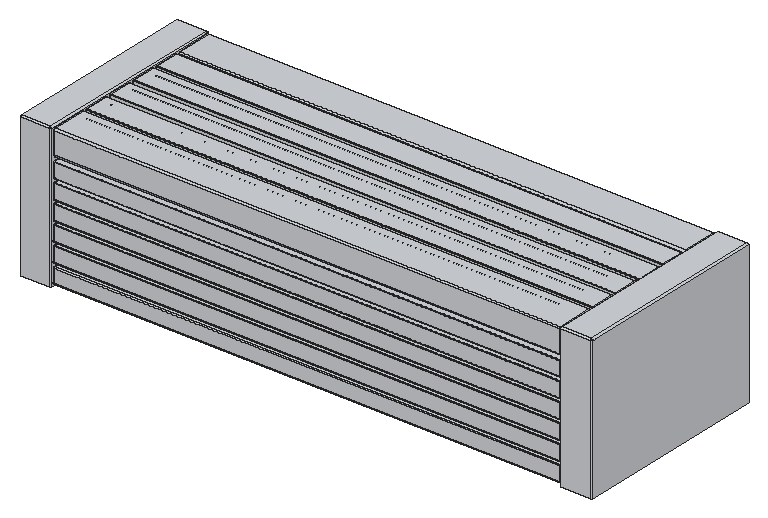
Revit family "Скамейка гранитная «Малевич»", category Мебель, Revit 2017
Family settings
  Номер OmniClass = 23.40.20.00
  Заголовок OmniClass = General Furniture and Specialties
  На основе рабочей плоскости = Нет
  Всегда вертикально = Да
  При загрузке вырезать с полостями = Нет
  Общий = Нет
  Точка расчета площади = Нет
Parameters (values of type "Скамья гранитная ГС-010")
  Стоимость = 0
  Изготовитель = "ООО \"Хоббика\""
  Длина доски = ADSK_Размер_Длина - 200 mm  # 1600 mm
  URL = "https://hobbyka.ru/product/skameyka_granitnaya_malevich/?sphrase_id=62554"
  ADSK_Размер_Ширина = 620 mm
  ADSK_Размер_Длина = 1800 mm
  ADSK_Размер_Высота = 450 mm
  ADSK_Наименование = "Скамья гранитная ГС-010"
  ADSK_Материал фурнитуры = none
  ADSK_Материал опоры = none
  ADSK_Материал доски = none
  ADSK_Код изделия = "10896"
Reference planes
  plane 1 "По центру (Вперед/Назад)": y = 0
  plane 2: z = 0
  plane 3 "По центру (Влево/Вправо)": x = 0
  plane 4: x = -900
  plane 5: x = 900
  plane 6: x = -800.13
  plane 7: x = 799.87
Forms (mm)
  Extrusion 1, solid, not visible
    sketch origin (0, 0, 0) x (1, 0, 0) y (0, 1, 0)
      loop
        line (-800.13, -583.333) -> (799.87, -583.333) -> (799.87, -36.667) -> (-800.13, -36.667) -> (-800.13, -583.333)
    from 0 to 366
  Extrusion 2, solid, not visible
    sketch origin (0, 0, 0) x (0, 1, 0) y (0, 0, 1)
      loop
        line (-135.333, 416) -> (-485.446, 416) -> (-485.446, 366) -> (-135.333, 366) -> (-135.333, 416)
    from 0 to 250
Dimensions and locks
  equal spacing: plane 4, plane 3 "По центру (Влево/Вправо)", plane 5
  "ADSK_Размер_Длина": plane 4 to plane 5
  "Длина доски": plane 6 to plane 7
  locked: plane 4 to plane 6 at 99.87
  plane 7 to plane 5 = 100.13 mm
  equal spacing: group 1, group 2, group 3, group 4  (x3)
  aligned and locked: level to plane 2
  aligned and locked: plane 4 to nested 1
  aligned and locked: plane 5 to nested 2
  aligned and locked: Extrusion 1 sketch curve to plane 6
  aligned and locked: Extrusion 1 sketch curve to plane 7
  aligned and locked: plane 6 to nested 3
  aligned and locked: plane 6 to nested 6
  aligned and locked: plane 6 to nested 5
  aligned and locked: plane 6 to nested 11
  aligned and locked: plane 6 to nested 14
  aligned and locked: nested 16 to plane 6
  aligned and locked: nested 20 to plane 6
  aligned and locked: nested 19 to plane 6
  aligned and locked: nested 18 to plane 6
  aligned and locked: nested 17 to plane 6
  aligned and locked: nested 15 to plane 6
  aligned and locked: nested 3 to plane 6
  aligned and locked: plane 6 to nested 4
Automatic sketch dimensions
  plane 1 "По центру (Вперед/Назад)" to Extrusion 1 sketch curve = 583.333 mm
  plane 1 "По центру (Вперед/Назад)" to Extrusion 1 sketch curve = 36.667 mm
  plane 1 "По центру (Вперед/Назад)" to Extrusion 2 sketch curve = 485.446 mm
  plane 1 "По центру (Вперед/Назад)" to Extrusion 2 sketch curve = 135.333 mm
  level to Extrusion 2 sketch curve = 366 mm
  Extrusion 2 sketch curve to Extrusion 2 sketch curve = 50 mm
Nested families
  nested 1: "Опора" at (-1700.13, 0, 0) x (-1, 0, 0) z (0, 0, 1), Материал <- "ADSK_Материал опоры", type "Опора"
    with Материал none
  nested 2: "Опора" at (1700.13, 0, 0), Материал <- "ADSK_Материал опоры", type "Опора"
    with Материал none
  nested 3: "Доска" at (-800.13, -496, 366), Длина доски <- "Длина доски", Материал доски <- "ADSK_Материал доски", Материал фурнитуры <- "ADSK_Материал фурнитуры", type "Доска"
    with Материал фурнитуры none, Материал доски none, Длина доски 1600 mm, 80 yes, 50 no, 30 no
  nested 4: "Доска" at (-800.13, -4, 366), Длина доски <- "Длина доски", Материал доски <- "ADSK_Материал доски", Материал фурнитуры <- "ADSK_Материал фурнитуры", type "Доска"
    with Материал фурнитуры none, Материал доски none, Длина доски 1600 mm, 80 yes, 50 no, 30 no
  nested 5: "Доска" at (-800.13, -583.333, 56.096) x (1, 0, 0) z (0, -1, 0), Длина доски <- "Длина доски", Материал доски <- "ADSK_Материал доски", Материал фурнитуры <- "ADSK_Материал доски", type "Доска"
    with Материал фурнитуры none, Материал доски none, Длина доски 1600 mm, 80 no, 50 yes, 30 no
  nested 6: "Доска" at (-800.13, -583.333, 353.5) x (1, 0, 0) z (0, -1, 0), Длина доски <- "Длина доски", Материал доски <- "ADSK_Материал доски", Материал фурнитуры <- "ADSK_Материал доски", type "Доска"
    with Материал фурнитуры none, Материал доски none, Длина доски 1600 mm, 80 no, 50 yes, 30 no
  nested 7: "Доска" at (-800.13, -583.333, 115.576) x (1, 0, 0) z (0, -1, 0), Длина доски <- "Длина доски", Материал доски <- "ADSK_Материал доски", Материал фурнитуры <- "ADSK_Материал доски", type "Доска"
    with Материал фурнитуры none, Материал доски none, Длина доски 1600 mm, 80 no, 50 yes, 30 no
  nested 8: "Доска" at (-800.13, -583.333, 175.057) x (1, 0, 0) z (0, -1, 0), Длина доски <- "Длина доски", Материал доски <- "ADSK_Материал доски", Материал фурнитуры <- "ADSK_Материал доски", type "Доска"
    with Материал фурнитуры none, Материал доски none, Длина доски 1600 mm, 80 no, 50 yes, 30 no
  nested 9: "Доска" at (-800.13, -583.333, 234.538) x (1, 0, 0) z (0, -1, 0), Длина доски <- "Длина доски", Материал доски <- "ADSK_Материал доски", Материал фурнитуры <- "ADSK_Материал доски", type "Доска"
    with Материал фурнитуры none, Материал доски none, Длина доски 1600 mm, 80 no, 50 yes, 30 no
  nested 10: "Доска" at (-800.13, -583.333, 294.019) x (1, 0, 0) z (0, -1, 0), Длина доски <- "Длина доски", Материал доски <- "ADSK_Материал доски", Материал фурнитуры <- "ADSK_Материал доски", type "Доска"
    with Материал фурнитуры none, Материал доски none, Длина доски 1600 mm, 80 no, 50 yes, 30 no
  nested 11: "Доска" at (-800.13, -407.333, 416), Длина доски <- "Длина доски", type "Доска"
    with Материал фурнитуры none, Материал доски none, Длина доски 1600 mm, 80 no, 50 no, 30 yes
  nested 12: "Доска" at (-800.13, -315.778, 416), Длина доски <- "Длина доски", type "Доска"
    with Материал фурнитуры none, Материал доски none, Длина доски 1600 mm, 80 no, 50 no, 30 yes
  nested 13: "Доска" at (-800.13, -224.222, 416), Длина доски <- "Длина доски", type "Доска"
    with Материал фурнитуры none, Материал доски none, Длина доски 1600 mm, 80 no, 50 no, 30 yes
  nested 14: "Доска" at (-800.13, -132.667, 416), Длина доски <- "Длина доски", type "Доска"
    with Материал фурнитуры none, Материал доски none, Длина доски 1600 mm, 80 no, 50 no, 30 yes
  nested 15: "Доска" at (-800.13, -37.446, 56.096) x (1, 0, 0) z (0, 1, 0), Длина доски <- "Длина доски", Материал доски <- "ADSK_Материал доски", type "Доска"
    with Материал фурнитуры none, Материал доски none, Длина доски 1600 mm, 80 no, 50 yes, 30 no
  nested 16: "Доска" at (-800.13, -37.446, 353.5) x (1, 0, 0) z (0, 1, 0), Длина доски <- "Длина доски", Материал доски <- "ADSK_Материал доски", type "Доска"
    with Материал фурнитуры none, Материал доски none, Длина доски 1600 mm, 80 no, 50 yes, 30 no
  nested 17: "Доска" at (-800.13, -37.446, 115.576) x (1, 0, 0) z (0, 1, 0), Длина доски <- "Длина доски", Материал доски <- "ADSK_Материал доски", type "Доска"
    with Материал фурнитуры none, Материал доски none, Длина доски 1600 mm, 80 no, 50 yes, 30 no
  nested 18: "Доска" at (-800.13, -37.446, 175.057) x (1, 0, 0) z (0, 1, 0), Длина доски <- "Длина доски", Материал доски <- "ADSK_Материал доски", type "Доска"
    with Материал фурнитуры none, Материал доски none, Длина доски 1600 mm, 80 no, 50 yes, 30 no
  nested 19: "Доска" at (-800.13, -37.446, 234.538) x (1, 0, 0) z (0, 1, 0), Длина доски <- "Длина доски", Материал доски <- "ADSK_Материал доски", type "Доска"
    with Материал фурнитуры none, Материал доски none, Длина доски 1600 mm, 80 no, 50 yes, 30 no
  nested 20: "Доска" at (-800.13, -37.446, 294.019) x (1, 0, 0) z (0, 1, 0), Длина доски <- "Длина доски", Материал доски <- "ADSK_Материал доски", type "Доска"
    with Материал фурнитуры none, Материал доски none, Длина доски 1600 mm, 80 no, 50 yes, 30 no
Definition of nested family "Опора"
  Parameters (values of type "Опора")
    Материал [instance] = none
  Reference planes
    plane 1 "По центру (Вперед/Назад)": y = 0
    plane 2: z = 0
    plane 3 "По центру (Влево/Вправо)": x = 0
    plane 4 "Слева": x = -900
    plane 5: x = 900
    plane 6: x = -800.13
    plane 7: x = 800
    plane 8: x = -896
    plane 9: x = -804.13
    plane 10 "Низ": z = 446
    plane 11 "Верх": z = 450
  Forms (mm)
    Blend 1, solid, material <- "Материал"
      base sketch origin (0, 0, 0) x (1, 0, 0) y (0, 1, 0)
        loop
          line (-804.13, 0) -> (-896, 0) -> (-900, -4) -> (-900, -616) -> (-896, -620) -> (-804.13, -620) -> (-800.13, -616) -> (-800.13, -4) -> (-804.13, 0)
      top sketch origin (0, 0, 0) x (1, 0, 0) y (0, 1, 0)
        loop
          line (-805.787, -4) -> (-894.343, -4) -> (-896, -5.657) -> (-896, -614.343) -> (-894.343, -616) -> (-805.787, -616) -> (-804.13, -614.343) -> (-804.13, -5.657) -> (-805.787, -4)
      from 446 to 450
    Extrusion 2, solid, material <- "Материал"
      sketch origin (0, 0, 0) x (1, 0, 0) y (0, 1, 0)
        loop
          line (-900, -4) -> (-900, -616) -> (-896, -620) -> (-804.13, -620) -> (-800.13, -616) -> (-800.13, -4) -> (-804.13, 0) -> (-896, 0) -> (-900, -4)
      from 0 to 446
  Cuts and joins
    joined: Blend 1, Extrusion 2
  Dimensions and locks
    plane 4 "Слева" to plane 5 = 1800 mm
    locked: plane 4 "Слева" to plane 6 at 99.87
    locked: plane 7 to plane 5 at 100
    plane 4 "Слева" to plane 3 "По центру (Влево/Вправо)" = 900 mm
    equal spacing: plane 4 "Слева", plane 3 "По центру (Влево/Вправо)", plane 5
    locked: plane 8 to plane 4 "Слева" at 4
    locked: plane 6 to plane 9 at 4
    level to plane 10 "Низ" to plane 11 "Верх" = 446 mm locked, 4 mm locked
    aligned and locked: level to plane 2
    aligned and locked: plane 10 "Низ" to Blend 1
    aligned and locked: Blend 1 to plane 11 "Верх"
  Automatic sketch dimensions
    Blend 1 sketch curve to plane 4 "Слева" = 0 mm
    Blend 1 sketch curve to plane 8 = 0 mm  (x3)
    plane 1 "По центру (Вперед/Назад)" to Blend 1 sketch curve = 0 mm
    Blend 1 sketch curve to plane 9 = 0 mm  (x3)
    Blend 1 sketch curve to plane 6 = 0 mm
    plane 1 "По центру (Вперед/Назад)" to Blend 1 sketch curve = 4 mm  (x2)
    Blend 1 sketch curve to Blend 1 sketch curve = 612 mm
    Blend 1 sketch curve to Blend 1 sketch curve = 0 mm
    Blend 1 sketch curve to Blend 1 sketch curve = 4 mm
    plane 8 to Blend 1 sketch curve = 1.657 mm  (x2)
    Blend 1 sketch curve to plane 9 = 1.657 mm  (x2)
    plane 1 "По центру (Вперед/Назад)" to Blend 1 sketch curve = 616 mm
    Blend 1 sketch curve to Blend 1 sketch curve = 1.657 mm  (x3)
    plane 1 "По центру (Вперед/Назад)" to Blend 1 sketch curve = 5.657 mm  (x2)
    Extrusion 2 sketch curve to plane 1 "По центру (Вперед/Назад)" = 0 mm
    Extrusion 2 sketch curve to plane 4 "Слева" = 0 mm
    Extrusion 2 sketch curve to plane 8 = 0 mm  (x2)
    plane 1 "По центру (Вперед/Назад)" to Extrusion 2 sketch curve = 4 mm  (x2)
    Extrusion 2 sketch curve to Extrusion 2 sketch curve = 612 mm
    Extrusion 2 sketch curve to plane 9 = 0 mm  (x2)
    Extrusion 2 sketch curve to plane 6 = 0 mm
    Extrusion 2 sketch curve to Extrusion 2 sketch curve = 0 mm
    Extrusion 2 sketch curve to Extrusion 2 sketch curve = 4 mm
Definition of nested family "Доска"
  Parameters (values of type "Доска")
    Default Elevation = 1219.2 mm
    Материал фурнитуры [instance] = none
    Материал доски [instance] = none
    Длина доски [instance] = 1000 mm
    80 [instance] = yes
    50 [instance] = yes
    30 [instance] = yes
  Reference planes
    plane 1 "По центру (Вперед/Назад)": y = 0
    plane 2: z = 0
    plane 3 "По центру (Влево/Вправо)": x = 0
    plane 4 "1": x = 4
    plane 5: x = 996
    plane 6: x = 1000
    plane 7: x = 24
    plane 8: x = 976
    plane 9: y = -28.667
  Forms (mm)
    Extrusion 1, solid
      sketch origin (0, 0, 0) x (1, 0, 0) y (0, 1, 0)
        loop
          line (-1219.2, 1219.2) -> (-1219.2, -1219.2) -> (1219.2, -1219.2) -> (1219.2, 1219.2) -> (-1219.2, 1219.2)
      from 0 to -304.8
    Extrusion 2, solid, material <- "Материал доски", visible <- "80"
      sketch origin (0, 0, 0) x (0, 1, 0) y (0, 0, 1)
        loop
          line (0, 74.667) -> (-4, 80) -> (-114.667, 80) -> (-118.667, 74.667) -> (-118.667, 5.333) -> (-114.667, 0) -> (-4, 0) -> (0, 5.333) -> (0, 74.667)
      from 4 to 996
    Blend 3, solid, material <- "Материал доски", visible <- "80"
      base sketch origin (0, 0, 0) x (0, 1, 0) y (0, 0, 1)
        loop
          line (0, 74.667) -> (-4, 80) -> (-114.667, 80) -> (-118.667, 74.667) -> (-118.667, 5.333) -> (-114.667, 0) -> (-4, 0) -> (0, 5.333) -> (0, 74.667)
      top sketch origin (0, 0, 0) x (0, 1, 0) y (0, 0, 1)
        loop
          line (-5.657, 74.667) -> (-113.01, 74.667) -> (-114.667, 72.458) -> (-114.667, 7.542) -> (-113.01, 5.333) -> (-5.657, 5.333) -> (-4, 7.542) -> (-4, 72.458) -> (-5.657, 74.667)
      from 4 to 0
    Blend 4, solid, material <- "Материал доски", visible <- "80"
      base sketch origin (522.709, 0, 0) x (0, 1, 0) y (0, 0, -1)
        loop
          line (0, -74.667) -> (0, -5.333) -> (-4, 0) -> (-114.667, 0) -> (-118.667, -5.333) -> (-118.667, -74.667) -> (-114.667, -80) -> (-4, -80) -> (0, -74.667)
      top sketch origin (522.709, 0, 0) x (0, 1, 0) y (0, 0, -1)
        loop
          line (-5.657, -74.667) -> (-4, -72.458) -> (-4, -7.542) -> (-5.657, -5.333) -> (-113.01, -5.333) -> (-114.667, -7.542) -> (-114.667, -72.458) -> (-113.01, -74.667) -> (-5.657, -74.667)
      from -473.291 to -477.291
    Blend 5, solid, material <- "Материал доски", visible <- "30"
      base sketch origin (0, 1.333, 0) x (0, 1, 0) y (0, 0, 1)
        loop
          line (-1.333, 28) -> (-4, 30) -> (-78.667, 30) -> (-81.333, 28) -> (-81.333, 2) -> (-78.667, 0) -> (-4, 0) -> (-1.333, 2) -> (-1.333, 28)
      top sketch origin (0, 1.333, 0) x (0, 1, 0) y (0, 0, 1)
        loop
          line (-5.105, 28) -> (-77.562, 28) -> (-78.667, 27.172) -> (-78.667, 2.828) -> (-77.562, 2) -> (-5.105, 2) -> (-4, 2.828) -> (-4, 27.172) -> (-5.105, 28)
      from 4 to 0
    Blend 6, solid, material <- "Материал доски", visible <- "30"
      base sketch origin (758, 1.333, 0) x (0, 1, 0) y (0, 0, -1)
        loop
          line (-1.333, -28) -> (-1.333, -2) -> (-4, 0) -> (-78.667, 0) -> (-81.333, -2) -> (-81.333, -28) -> (-78.667, -30) -> (-4, -30) -> (-1.333, -28)
      top sketch origin (758, 1.333, 0) x (0, 1, 0) y (0, 0, -1)
        loop
          line (-5.105, -28) -> (-4, -27.172) -> (-4, -2.828) -> (-5.105, -2) -> (-77.562, -2) -> (-78.667, -2.828) -> (-78.667, -27.172) -> (-77.562, -28) -> (-5.105, -28)
      from -238 to -242
    Extrusion 7, solid, material <- "Материал доски", visible <- "30"
      sketch origin (0, 1.333, 0) x (0, 1, 0) y (0, 0, 1)
        loop
          line (-1.333, 28) -> (-4, 30) -> (-78.667, 30) -> (-81.333, 28) -> (-81.333, 2) -> (-78.667, 0) -> (-4, 0) -> (-1.333, 2) -> (-1.333, 28)
      from 4 to 996
    Blend 8, solid, material <- "Материал доски", visible <- "50"
      base sketch origin (0, 1.333, 0) x (0, 1, 0) y (0, 0, 1)
        loop
          line (-1.333, 28) -> (-4, 30) -> (-48.667, 30) -> (-51.333, 28) -> (-51.333, 2) -> (-48.667, 0) -> (-4, 0) -> (-1.333, 2) -> (-1.333, 28)
      top sketch origin (0, 1.333, 0) x (0, 1, 0) y (0, 0, 1)
        loop
          line (-5.105, 28) -> (-47.562, 28) -> (-48.667, 27.172) -> (-48.667, 2.828) -> (-47.562, 2) -> (-5.105, 2) -> (-4, 2.828) -> (-4, 27.172) -> (-5.105, 28)
      from 4 to 0
    Blend 9, solid, material <- "Материал доски", visible <- "50"
      base sketch origin (858, 1.333, 0) x (0, 1, 0) y (0, 0, -1)
        loop
          line (-1.333, -28) -> (-1.333, -2) -> (-4, 0) -> (-48.667, 0) -> (-51.333, -2) -> (-51.333, -28) -> (-48.667, -30) -> (-4, -30) -> (-1.333, -28)
      top sketch origin (858, 1.333, 0) x (0, 1, 0) y (0, 0, -1)
        loop
          line (-5.105, -28) -> (-4, -27.172) -> (-4, -2.828) -> (-5.105, -2) -> (-47.562, -2) -> (-48.667, -2.828) -> (-48.667, -27.172) -> (-47.562, -28) -> (-5.105, -28)
      from -138 to -142
    Extrusion 10, solid, visible <- "50"
      sketch origin (0, 0, 0) x (0, 1, 0) y (0, 0, 1)
        loop
          line (-2.667, 30) -> (-47.333, 30) -> (-50, 28) -> (-50, 2) -> (-47.333, 0) -> (-2.667, 0) -> (0, 2) -> (0, 28) -> (-2.667, 30)
      from 0 to 996
  Dimensions and locks
    plane 3 "По центру (Влево/Вправо)" to plane 4 "1" = 4 mm
    locked: plane 5 to plane 6 at 4
    "Длина доски": plane 3 "По центру (Влево/Вправо)" to plane 6
    plane 8 to plane 5 = 20 mm
    locked: plane 4 "1" to plane 7 at 20
    aligned and locked: plane 2 to Extrusion 1
    aligned and locked: level to Extrusion 1
    aligned and locked: Extrusion 2 to plane 4 "1"
    aligned and locked: Blend 3 to plane 4 "1"
    aligned and locked: Blend 3 to plane 3 "По центру (Влево/Вправо)"
    aligned and locked: plane 5 to Extrusion 2
    aligned and locked: plane 6 to Blend 4
    aligned and locked: Blend 4 to plane 5
    aligned and locked: plane 4 "1" to Blend 5
    aligned and locked: Blend 5 to plane 3 "По центру (Влево/Вправо)"
    aligned and locked: plane 6 to Blend 6
    aligned and locked: Blend 6 to plane 5
    aligned and locked: Extrusion 7 to plane 4 "1"
    aligned and locked: plane 5 to Extrusion 7
    aligned and locked: plane 4 "1" to Blend 8
    aligned and locked: Blend 8 to plane 3 "По центру (Влево/Вправо)"
    aligned and locked: plane 6 to Blend 9
    aligned and locked: Blend 9 to plane 5
    aligned and locked: plane 5 to Extrusion 10
    aligned and locked: Blend 8 to plane 4 "1"
  Automatic sketch dimensions
    Extrusion 1 sketch curve to Extrusion 1 sketch curve = 2438.4 mm  (x2)
    Extrusion 2 sketch curve to level = 0 mm
    Extrusion 2 sketch curve to plane 1 "По центру (Вперед/Назад)" = 0 mm
    plane 1 "По центру (Вперед/Назад)" to Extrusion 2 sketch curve = 4 mm  (x2)
    Extrusion 2 sketch curve to plane 9 = 86 mm
    Extrusion 2 sketch curve to Extrusion 2 sketch curve = 0 mm
    Extrusion 2 sketch curve to Extrusion 2 sketch curve = 4 mm
    level to Extrusion 2 sketch curve = 5.333 mm  (x2)
    Extrusion 2 sketch curve to Extrusion 2 sketch curve = 69.333 mm  (x2)
    Extrusion 2 sketch curve to Extrusion 2 sketch curve = 5.333 mm
    Blend 3 sketch curve to level = 0 mm
    Blend 3 sketch curve to plane 1 "По центру (Вперед/Назад)" = 0 mm
    plane 1 "По центру (Вперед/Назад)" to Blend 3 sketch curve = 4 mm  (x2)
    Blend 3 sketch curve to plane 9 = 86 mm  (x2)
    Blend 3 sketch curve to Blend 3 sketch curve = 0 mm
    Blend 3 sketch curve to Blend 3 sketch curve = 4 mm
    level to Blend 3 sketch curve = 5.333 mm  (x3)
    Blend 3 sketch curve to Blend 3 sketch curve = 69.333 mm  (x2)
    Blend 3 sketch curve to Blend 3 sketch curve = 5.333 mm
    level to Blend 3 sketch curve = 7.542 mm
    Blend 3 sketch curve to Blend 3 sketch curve = 1.657 mm  (x3)
    plane 1 "По центру (Вперед/Назад)" to Blend 3 sketch curve = 5.657 mm  (x2)
    Blend 3 sketch curve to Blend 3 sketch curve = 2.209 mm  (x2)
    Blend 3 sketch curve to Blend 3 sketch curve = 64.915 mm  (x2)
    Blend 4 sketch curve to level = 0 mm
    Blend 4 sketch curve to plane 1 "По центру (Вперед/Назад)" = 0 mm
    plane 1 "По центру (Вперед/Назад)" to Blend 4 sketch curve = 4 mm  (x2)
    Blend 4 sketch curve to plane 9 = 86 mm  (x2)
    Blend 4 sketch curve to Blend 4 sketch curve = 0 mm
    Blend 4 sketch curve to Blend 4 sketch curve = 4 mm
    level to Blend 4 sketch curve = 5.333 mm  (x3)
    Blend 4 sketch curve to Blend 4 sketch curve = 69.333 mm  (x2)
    Blend 4 sketch curve to Blend 4 sketch curve = 5.333 mm
    level to Blend 4 sketch curve = 7.542 mm
    Blend 4 sketch curve to Blend 4 sketch curve = 1.657 mm  (x3)
    plane 1 "По центру (Вперед/Назад)" to Blend 4 sketch curve = 5.657 mm  (x2)
    Blend 4 sketch curve to Blend 4 sketch curve = 2.209 mm  (x2)
    Blend 4 sketch curve to Blend 4 sketch curve = 64.915 mm  (x2)
    Blend 5 sketch curve to level = 0 mm
    Blend 5 sketch curve to plane 1 "По центру (Вперед/Назад)" = 0 mm
    plane 1 "По центру (Вперед/Назад)" to Blend 5 sketch curve = 2.667 mm  (x2)
    Blend 5 sketch curve to plane 9 = 48.667 mm  (x2)
    Blend 5 sketch curve to Blend 5 sketch curve = 0 mm
    Blend 5 sketch curve to Blend 5 sketch curve = 2.667 mm
    level to Blend 5 sketch curve = 2 mm  (x3)
    Blend 5 sketch curve to Blend 5 sketch curve = 26 mm  (x2)
    Blend 5 sketch curve to Blend 5 sketch curve = 2 mm
    level to Blend 5 sketch curve = 2.828 mm
    Blend 5 sketch curve to Blend 5 sketch curve = 1.105 mm  (x3)
    plane 1 "По центру (Вперед/Назад)" to Blend 5 sketch curve = 3.771 mm  (x2)
    Blend 5 sketch curve to Blend 5 sketch curve = 0.828 mm  (x2)
    Blend 5 sketch curve to Blend 5 sketch curve = 24.343 mm  (x2)
    Blend 6 sketch curve to level = 0 mm
    Blend 6 sketch curve to plane 1 "По центру (Вперед/Назад)" = 0 mm
    plane 1 "По центру (Вперед/Назад)" to Blend 6 sketch curve = 2.667 mm  (x2)
    Blend 6 sketch curve to plane 9 = 48.667 mm  (x2)
    Blend 6 sketch curve to Blend 6 sketch curve = 0 mm
    Blend 6 sketch curve to Blend 6 sketch curve = 2.667 mm
    level to Blend 6 sketch curve = 2 mm  (x3)
    Blend 6 sketch curve to Blend 6 sketch curve = 26 mm  (x2)
    Blend 6 sketch curve to Blend 6 sketch curve = 2 mm
    level to Blend 6 sketch curve = 2.828 mm
    Blend 6 sketch curve to Blend 6 sketch curve = 1.105 mm  (x3)
    plane 1 "По центру (Вперед/Назад)" to Blend 6 sketch curve = 3.771 mm  (x2)
    Blend 6 sketch curve to Blend 6 sketch curve = 24.343 mm
    Blend 6 sketch curve to Blend 6 sketch curve = 25.172 mm
    Blend 6 sketch curve to Blend 6 sketch curve = 0.828 mm  (x2)
    Extrusion 7 sketch curve to level = 0 mm
    Extrusion 7 sketch curve to plane 1 "По центру (Вперед/Назад)" = 0 mm
    plane 1 "По центру (Вперед/Назад)" to Extrusion 7 sketch curve = 2.667 mm  (x2)
    Extrusion 7 sketch curve to plane 9 = 48.667 mm
    Extrusion 7 sketch curve to Extrusion 7 sketch curve = 0 mm
    level to Extrusion 7 sketch curve = 2 mm  (x2)
    Extrusion 7 sketch curve to Extrusion 7 sketch curve = 2.667 mm
    Extrusion 7 sketch curve to Extrusion 7 sketch curve = 26 mm  (x2)
    Extrusion 7 sketch curve to Extrusion 7 sketch curve = 2 mm
    Blend 8 sketch curve to level = 0 mm
    level to Blend 8 sketch curve = 2 mm  (x3)
    Blend 8 sketch curve to plane 9 = 21.333 mm
    Blend 8 sketch curve to Blend 8 sketch curve = 2.667 mm  (x2)
    plane 1 "По центру (Вперед/Назад)" to Blend 8 sketch curve = 2.667 mm  (x2)
    Blend 8 sketch curve to plane 1 "По центру (Вперед/Назад)" = 0 mm
    Blend 8 sketch curve to Blend 8 sketch curve = 26 mm  (x2)
    Blend 8 sketch curve to Blend 8 sketch curve = 2 mm
    level to Blend 8 sketch curve = 2.828 mm
    Blend 8 sketch curve to plane 9 = 18.667 mm
    Blend 8 sketch curve to Blend 8 sketch curve = 1.105 mm  (x3)
    plane 1 "По центру (Вперед/Назад)" to Blend 8 sketch curve = 3.771 mm  (x2)
    Blend 8 sketch curve to Blend 8 sketch curve = 0.828 mm  (x2)
    Blend 8 sketch curve to Blend 8 sketch curve = 24.343 mm  (x2)
    Blend 9 sketch curve to level = 0 mm
    level to Blend 9 sketch curve = 2 mm  (x3)
    Blend 9 sketch curve to plane 9 = 21.333 mm
    Blend 9 sketch curve to Blend 9 sketch curve = 2.667 mm  (x2)
    plane 1 "По центру (Вперед/Назад)" to Blend 9 sketch curve = 2.667 mm  (x2)
    Blend 9 sketch curve to plane 1 "По центру (Вперед/Назад)" = 0 mm
    Blend 9 sketch curve to Blend 9 sketch curve = 26 mm
    level to Blend 9 sketch curve = 28 mm
    Blend 9 sketch curve to Blend 9 sketch curve = 2 mm
    level to Blend 9 sketch curve = 2.828 mm
    Blend 9 sketch curve to plane 9 = 18.667 mm
    Blend 9 sketch curve to Blend 9 sketch curve = 1.105 mm  (x3)
    plane 1 "По центру (Вперед/Назад)" to Blend 9 sketch curve = 3.771 mm  (x2)
    Blend 9 sketch curve to Blend 9 sketch curve = 24.343 mm
    Blend 9 sketch curve to Blend 9 sketch curve = 25.172 mm
    Blend 9 sketch curve to Blend 9 sketch curve = 0.828 mm  (x2)
    plane 1 "По центру (Вперед/Назад)" to Extrusion 10 sketch curve = 2.667 mm  (x2)
    Extrusion 10 sketch curve to plane 9 = 18.667 mm
    level to Extrusion 10 sketch curve = 2 mm  (x2)
    Extrusion 10 sketch curve to plane 9 = 21.333 mm
    Extrusion 10 sketch curve to Extrusion 10 sketch curve = 2.667 mm
    Extrusion 10 sketch curve to Extrusion 10 sketch curve = 26 mm
    Extrusion 10 sketch curve to Extrusion 10 sketch curve = 2 mm  (x2)
    Extrusion 10 sketch curve to plane 1 "По центру (Вперед/Назад)" = 0 mm
    Extrusion 10 sketch curve to level = 0 mm
